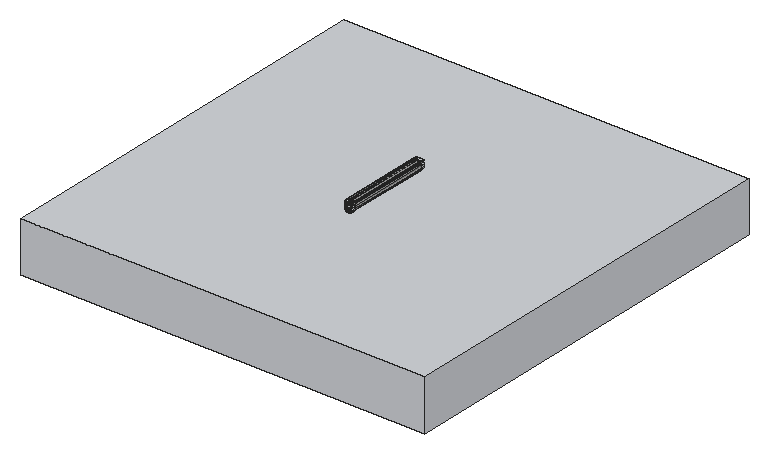
Revit family "L-trade 16 Standart Easy Lock", category Осветительные приборы, Revit 2017
Family settings
  Основа = Грань
  Размер круглого соединителя = Использовать диаметр
  Тип детали = Нормальный
  При загрузке вырезать с полостями = Нет
  Источник света = Да
  Общий = Нет
  Точка расчета площади = Нет
Parameters (values of type "L-trade 16 Standart Easy Lock 5.0K")
  Расстояние от светильника до поверхности = 100 mm
  Описание = "Универсальный светодиодный светильник L-trade 16 Standart предназначен для освещения торговых залов, промышленных помещений, логистических центров, магазинов, спортивных сооружений и т.д."
  Lamp = ""
  Кривая сил света = "Д"
  Комментарии к типоразмеру = "Торговые"
  Wattage Comments = ""
  Wattage = 10.1453 W
  built-in parameter 1150110 = 1 (stored number, unit not read)
  built-in parameter 1114217 = 1 (stored number, unit not read)
  Tilt Angle = 90.00°
  built-in parameter 1150109 = 1 (stored number, unit not read)
  built-in parameter 1150134 = 2
  built-in parameter 1150113 = 1 (stored number, unit not read)
  Файл фотометрической сетки = "L-trade 16-15-D-5.0K-02-Standart.ies"
  built-in parameter 1150142 = "IESNA:LM-63-1995\r\n[TEST]LEDEL\r\n[DATA]28.10.2017\r\n[MANUFAC]LEDEL\r\n[LUMCAT]L-trade 16-15-Д-5.0K-02-Standart\r\n[LUMINAIRE]Для общего внутреннего освещения производственных помещений, торговых залов, складов\r\n[LAMPCAT]LED\r\n[LAMP]OSRAM DURIS \r\nTILT=NONE\r\n\r\n1 1507 0.47152 37 10 1 2 0.537 0.048 0.0565\r\n\r\n1 1 15\r\n\r\n 0 2.5 5 7.5 10 12.5 15 17.5 20 22.5 25 27.5 30 32.5 35 37.5 40 42.5 45 47.5 50 52.5 55 57.5 60 62.5 65 67.5 70 72.5 75 77.5 80 82.5\r\n 85 87.5 90\r\n\r\n 0 10 20 30 40 50 60 70 80 90\r\n\r\n  1164 1166 1161 1156 1146 1132 1116 1094 1070 1043 1013 982 947 911 873 835 794 754 712 670 628 584 541 499 457 415 371 330\r\n  286 247 204 164 124 89 60 37 21\r\n  1161 1164 1164 1158 1149 1135 1119 1099 1075 1049 1020 988 954 917 880 840 799 759 717 675 632 590 546 504 460 417 373 331\r\n  290 250 210 171 133 98 67 42 22\r\n  1162 1164 1162 1158 1149 1134 1118 1099 1074 1049 1018 987 954 917 880 840 800 759 717 675 634 590 547 504 461 419 376 333\r\n  290 248 207 164 122 88 56 35 20\r\n  1164 1166 1164 1158 1148 1134 1117 1099 1074 1049 1018 988 954 920 882 844 804 764 722 681 638 599 556 514 470 425 381 335\r\n  292 250 209 171 133 97 66 40 22\r\n  1162 1166 1164 1158 1149 1136 1122 1100 1079 1052 1024 993 959 925 888 849 811 770 729 687 645 602 560 518 473 431 386 342\r\n  301 257 218 177 139 102 67 40 22\r\n  1164 1166 1164 1158 1149 1135 1120 1100 1079 1054 1026 997 964 929 893 855 818 778 737 695 653 611 568 525 482 440 395 351\r\n  308 265 222 180 140 103 69 42 22\r\n  1166 1166 1164 1158 1148 1135 1119 1100 1076 1052 1024 993 961 927 891 853 814 776 735 693 651 608 565 521 477 433 388 342 \r\n  296 248 202 162 122 86 55 31 15\r\n  1166 1166 1164 1158 1148 1135 1119 1100 1077 1052 1024 993 961 927 891 855 815 776 735 693 651 608 564 521 476 433 388 344\r\n  299 256 212 169 126 89 56 31 15\r\n  1166 1166 1164 1158 1150 1137 1123 1105 1083 1058 1032 1003 971 936 900 863 823 782 743 700 660 619 577 534 491 448 402 359\r\n  314 271 227 183 143 103 69 39 20\r\n  1166 1166 1164 1158 1149 1135 1122 1102 1081 1056 1028 999 967 932 897 858 821 781 741 700 657 613 570 527 484 440 395 351\r\n  307 263 221 179 137 98 64 36 19\r\n  \r"
  built-in parameter 1150105 = 119.92 (stored number, unit not read)
  Lumens = 1507 lm
  built-in parameter 1150115 = 1 (stored number, unit not read)
  built-in parameter 1150137 = (empty or 0)
  built-in parameter 1150139 = (empty or 0)
  built-in parameter 1150112 = 1 (stored number, unit not read)
  built-in parameter 1150114 = 1 (stored number, unit not read)
  built-in parameter 1150132 = 2
  Классификация нагрузок = Освещение
  built-in parameter 1150102 = (empty or 0)
  built-in parameter 1150107 = 5000 (stored number, unit not read)
  built-in parameter 1150138 = (empty or 0)
  built-in parameter 1150106 = 1.1992 (stored number, unit not read)
  Emit from Rectangle Width = 37.9 mm
  Emit from Rectangle Length = 485 mm
  Изготовитель = "LEDEL"
  Длина профиля = Emit from Rectangle Length + 15 mm  # 500 mm
  Emit Shape Visible in Rendering = no
  built-in parameter 1150104 = 13.8 (stored number, unit not read)
  Dimming Lamp Color Temperature Shift = (empty or 0)
  Default Elevation = 1219.2 mm
  Color Filter = 16777215
  built-in parameter 1114218 = 1 (stored number, unit not read)
  built-in parameter 1150133 = 10 (stored number, unit not read)
  Apparent Load = 15 VA  # constant formula
  Артикул = "211011"
Types (2, lengths in mm): name | built-in parameter 1150134 | Файл фотометрической сетки | built-in parameter 1150142 | built-in parameter 1150107 | Артикул
  L-trade 16 Standart Easy Lock 4.0K | 12 | "L-trade 16-15-D-4.0K-02-Standart.ies" | "IESNA:LM-63-1995\r\n[TEST]LEDEL\r\n[DATA]28.10.2017\r\n[MANUFAC]LEDEL\r\n[LUMCAT]L-trade 16-15-Д-4.0K-02-Standart\r\n[LUMINAIRE]Для общего внутреннего освещения производственных помещений, торговых залов, складов\r\n[LAMPCAT]LED\r\n[LAMP]OSRAM DURIS \r\nTILT=NONE\r\n\r\n1 1507 0.47152 37 10 1 2 0.537 0.048 0.0565\r\n\r\n1 1 15\r\n\r\n 0 2.5 5 7.5 10 12.5 15 17.5 20 22.5 25 27.5 30 32.5 35 37.5 40 42.5 45 47.5 50 52.5 55 57.5 60 62.5 65 67.5 70 72.5 75 77.5 80 82.5\r\n 85 87.5 90\r\n\r\n 0 10 20 30 40 50 60 70 80 90\r\n\r\n  1164 1166 1161 1156 1146 1132 1116 1094 1070 1043 1013 982 947 911 873 835 794 754 712 670 628 584 541 499 457 415 371 330\r\n  286 247 204 164 124 89 60 37 21\r\n  1161 1164 1164 1158 1149 1135 1119 1099 1075 1049 1020 988 954 917 880 840 799 759 717 675 632 590 546 504 460 417 373 331\r\n  290 250 210 171 133 98 67 42 22\r\n  1162 1164 1162 1158 1149 1134 1118 1099 1074 1049 1018 987 954 917 880 840 800 759 717 675 634 590 547 504 461 419 376 333\r\n  290 248 207 164 122 88 56 35 20\r\n  1164 1166 1164 1158 1148 1134 1117 1099 1074 1049 1018 988 954 920 882 844 804 764 722 681 638 599 556 514 470 425 381 335\r\n  292 250 209 171 133 97 66 40 22\r\n  1162 1166 1164 1158 1149 1136 1122 1100 1079 1052 1024 993 959 925 888 849 811 770 729 687 645 602 560 518 473 431 386 342\r\n  301 257 218 177 139 102 67 40 22\r\n  1164 1166 1164 1158 1149 1135 1120 1100 1079 1054 1026 997 964 929 893 855 818 778 737 695 653 611 568 525 482 440 395 351\r\n  308 265 222 180 140 103 69 42 22\r\n  1166 1166 1164 1158 1148 1135 1119 1100 1076 1052 1024 993 961 927 891 853 814 776 735 693 651 608 565 521 477 433 388 342 \r\n  296 248 202 162 122 86 55 31 15\r\n  1166 1166 1164 1158 1148 1135 1119 1100 1077 1052 1024 993 961 927 891 855 815 776 735 693 651 608 564 521 476 433 388 344\r\n  299 256 212 169 126 89 56 31 15\r\n  1166 1166 1164 1158 1150 1137 1123 1105 1083 1058 1032 1003 971 936 900 863 823 782 743 700 660 619 577 534 491 448 402 359\r\n  314 271 227 183 143 103 69 39 20\r\n  1166 1166 1164 1158 1149 1135 1122 1102 1081 1056 1028 999 967 932 897 858 821 781 741 700 657 613 570 527 484 440 395 351\r\n  307 263 221 179 137 98 64 36 19\r\n  \r" | 4000 (stored number, unit not read) | "311201500842100"
  L-trade 16 Standart Easy Lock 5.0K | 2 | "L-trade 16-15-D-5.0K-02-Standart.ies" | "IESNA:LM-63-1995\r\n[TEST]LEDEL\r\n[DATA]28.10.2017\r\n[MANUFAC]LEDEL\r\n[LUMCAT]L-trade 16-15-Д-5.0K-02-Standart\r\n[LUMINAIRE]Для общего внутреннего освещения производственных помещений, торговых залов, складов\r\n[LAMPCAT]LED\r\n[LAMP]OSRAM DURIS \r\nTILT=NONE\r\n\r\n1 1507 0.47152 37 10 1 2 0.537 0.048 0.0565\r\n\r\n1 1 15\r\n\r\n 0 2.5 5 7.5 10 12.5 15 17.5 20 22.5 25 27.5 30 32.5 35 37.5 40 42.5 45 47.5 50 52.5 55 57.5 60 62.5 65 67.5 70 72.5 75 77.5 80 82.5\r\n 85 87.5 90\r\n\r\n 0 10 20 30 40 50 60 70 80 90\r\n\r\n  1164 1166 1161 1156 1146 1132 1116 1094 1070 1043 1013 982 947 911 873 835 794 754 712 670 628 584 541 499 457 415 371 330\r\n  286 247 204 164 124 89 60 37 21\r\n  1161 1164 1164 1158 1149 1135 1119 1099 1075 1049 1020 988 954 917 880 840 799 759 717 675 632 590 546 504 460 417 373 331\r\n  290 250 210 171 133 98 67 42 22\r\n  1162 1164 1162 1158 1149 1134 1118 1099 1074 1049 1018 987 954 917 880 840 800 759 717 675 634 590 547 504 461 419 376 333\r\n  290 248 207 164 122 88 56 35 20\r\n  1164 1166 1164 1158 1148 1134 1117 1099 1074 1049 1018 988 954 920 882 844 804 764 722 681 638 599 556 514 470 425 381 335\r\n  292 250 209 171 133 97 66 40 22\r\n  1162 1166 1164 1158 1149 1136 1122 1100 1079 1052 1024 993 959 925 888 849 811 770 729 687 645 602 560 518 473 431 386 342\r\n  301 257 218 177 139 102 67 40 22\r\n  1164 1166 1164 1158 1149 1135 1120 1100 1079 1054 1026 997 964 929 893 855 818 778 737 695 653 611 568 525 482 440 395 351\r\n  308 265 222 180 140 103 69 42 22\r\n  1166 1166 1164 1158 1148 1135 1119 1100 1076 1052 1024 993 961 927 891 853 814 776 735 693 651 608 565 521 477 433 388 342 \r\n  296 248 202 162 122 86 55 31 15\r\n  1166 1166 1164 1158 1148 1135 1119 1100 1077 1052 1024 993 961 927 891 855 815 776 735 693 651 608 564 521 476 433 388 344\r\n  299 256 212 169 126 89 56 31 15\r\n  1166 1166 1164 1158 1150 1137 1123 1105 1083 1058 1032 1003 971 936 900 863 823 782 743 700 660 619 577 534 491 448 402 359\r\n  314 271 227 183 143 103 69 39 20\r\n  1166 1166 1164 1158 1149 1135 1122 1102 1081 1056 1028 999 967 932 897 858 821 781 741 700 657 613 570 527 484 440 395 351\r\n  307 263 221 179 137 98 64 36 19\r\n  \r" | 5000 (stored number, unit not read) | "211011"
Reference planes
  plane 1 "Center (Front/Back)": y = 0
  plane 2: z = 0
  plane 3 "Center (Left/Right)": x = 0
Forms (mm)
  Extrusion 1, solid
    sketch origin (0, 0, 0) x (1, 0, 0) y (0, 1, 0)
      loop
        line (-1219.2, 1219.2) -> (-1219.2, -1219.2) -> (1219.2, -1219.2) -> (1219.2, 1219.2) -> (-1219.2, 1219.2)
    from 0 to -304.8
Dimensions and locks
  "Расстояние от светильника до поверхности": imposter light to Extrusion 1
  aligned and locked: plane 2 to Extrusion 1
  aligned and locked: level to Extrusion 1
Automatic sketch dimensions
  Extrusion 1 sketch curve to Extrusion 1 sketch curve = 2438.4 mm  (x2)
Nested families
  nested 1: "L-trade_body" at (0, 0, 0), type "L-trade_body"
Connectors
  electrical at (0, 0, 0), driven by "Apparent Load", driven by "Классификация нагрузок"
    settings: on Extrusion 1, index 1, voltage 230 V, apparent load 0 VA, apparent load phase1 15 VA, apparent load phase2 0 VA, apparent load phase3 0 VA, power factor 1, load classification "Освещение", number of poles 1, system type 31, power factor state 1, is connector primary yes, connector utility no, sub classification motor no, connector description ""
Definition of nested family "L-trade_body"
  Parameters (values of type "L-trade_body")
    Тип торцевой крышки = Trade Standart : Trade Standart
    Расстояние от светильника до плоскости = 55.991 mm
    Default Elevation = 1219.2 mm
    Начало выдавливания = Длина профиля / 2 * (-1)  # -250 mm
    Конец выдавливания = Длина профиля / 2  # 250 mm
    Длина профиля = 500 mm
  Reference planes
    plane 1 "По центру (Вперед/Назад)": y = 0
    plane 2: z = 0
    plane 3 "По центру (Влево/Вправо)": x = 0
    plane 4 "Плоскость расположения светильника": z = 55.991
  Forms (mm)
    Extrusion 1, solid
      sketch origin (0, 0, 0) x (1, 0, 0) y (0, 1, 0)
        loop
          line (-1219.2, 1219.2) -> (-1219.2, -1219.2) -> (1219.2, -1219.2) -> (1219.2, 1219.2) -> (-1219.2, 1219.2)
      from 0 to -304.8
    Extrusion 2, solid
      sketch origin (-0.012, 0, 76.46) x (0, 0, 1) y (1, 0, 0)
        loop
          arc (-59.25, -24.005) -> (-52.269, -20.15) -> (-45.287, -24.005) r 8.25
          arc (-45.287, -24.005) -> (-39.588, -21.546) -> (-34.671, -17.758) r 25
          arc (-34.671, -17.758) -> (-33.593, -19.381) -> (-31.769, -20) r 3
          line (-31.769, -20) -> (-31.747, -18.485)
          arc (-31.747, -18.485) -> (-32.827, -15.957) -> (-30.283, -17) r 1.486
          line (-30.283, -17) -> (-28.946, -18.017)
          arc (-28.946, -18.017) -> (-28.836, -17.633) -> (-28.778, -17.238) r 3
          arc (-28.778, -17.238) -> (-28.264, -17.566) -> (-27.736, -17.872) r 15
          arc (-27.736, -17.872) -> (-28.629, -21.6) -> (-25.469, -23.771) r 3.385
          line (-25.469, -23.771) -> (-20.469, -23.771) -> (-20.469, -21.96) -> (-20.469, -18.959) -> (-21.47, -18.959) -> (-21.47, -21.96) -> (-25.469, -21.96)
          arc (-25.469, -21.96) -> (-26.945, -20.195) -> (-24.946, -19.054) r 1.5
          line (-24.946, -19.054) -> (-24.946, -17.462)
          arc (-24.946, -17.462) -> (-28.28, -15.733) -> (-31.007, -13.151) r 13.477
          arc (-31.007, -13.151) -> (-31.597, -12.352) -> (-32.126, -11.512) r 13.477
          arc (-32.126, -11.512) -> (-33.542, -8.026) -> (-33.938, -4.283) r 13.477
          line (-33.938, -4.283) -> (-34.93, -4.283) -> (-34.93, -5.255) -> (-36.043, -5.255) -> (-36.043, 0) -> (-36.043, 5.255) -> (-34.93, 5.255) -> (-34.93, 4.283) -> (-33.938, 4.283)
          arc (-33.938, 4.283) -> (-33.542, 8.026) -> (-32.126, 11.512) r 13.477
          arc (-32.126, 11.512) -> (-31.597, 12.352) -> (-31.007, 13.151) r 13.477
          arc (-31.007, 13.151) -> (-28.28, 15.733) -> (-24.946, 17.462) r 13.477
          line (-24.946, 17.462) -> (-24.946, 19.054)
          arc (-24.946, 19.054) -> (-26.945, 20.195) -> (-25.469, 21.96) r 1.5
          line (-25.469, 21.96) -> (-21.47, 21.96) -> (-21.47, 18.959) -> (-20.469, 18.959) -> (-20.469, 21.96) -> (-20.469, 23.771) -> (-25.469, 23.771)
          arc (-25.469, 23.771) -> (-28.629, 21.6) -> (-27.736, 17.872) r 3.385
          arc (-27.736, 17.872) -> (-28.264, 17.566) -> (-28.778, 17.238) r 15
          arc (-28.778, 17.238) -> (-28.836, 17.633) -> (-28.946, 18.017) r 3
          line (-28.946, 18.017) -> (-30.283, 17)
          arc (-30.283, 17) -> (-32.819, 15.949) -> (-31.769, 18.486) r 1.486
          line (-31.769, 18.486) -> (-31.769, 20)
          arc (-31.769, 20) -> (-33.603, 19.374) -> (-34.671, 17.758) r 3
          arc (-34.671, 17.758) -> (-39.588, 21.546) -> (-45.287, 24.005) r 25
          arc (-45.287, 24.005) -> (-52.269, 20.15) -> (-59.25, 24.005) r 8.25
          arc (-59.25, 24.005) -> (-64.079, 22.034) -> (-68.395, 19.104) r 25
          line (-68.395, 19.104) -> (-69.102, 17.807)
          arc (-69.102, 17.807) -> (-68.597, 17.356) -> (-68.344, 16.728) r 1.489
          arc (-68.344, 16.728) -> (-68.731, 15.48) -> (-69.953, 15.017) r 1.489
          arc (-69.953, 15.017) -> (-71.216, 15.994) -> (-70.869, 17.553) r 1.489
          line (-70.869, 17.553) -> (-71.913, 18.598)
          arc (-71.913, 18.598) -> (-72.763, 16.832) -> (-72.327, 14.922) r 2.966
          arc (-72.327, 14.922) -> (-75.219, 9.913) -> (-76.883, 4.375) r 25
          line (-76.883, 4.375) -> (-76.883, 2.61) -> (-75.101, 2.61) -> (-75.101, 4.112) -> (-71.169, 4.112) -> (-71.169, 0) -> (-71.169, -4.112) -> (-75.101, -4.112) -> (-75.101, -2.61) -> (-76.883, -2.61) -> (-76.883, -4.375)
          arc (-76.883, -4.375) -> (-75.219, -9.913) -> (-72.327, -14.922) r 25
          arc (-72.327, -14.922) -> (-72.763, -16.832) -> (-71.913, -18.598) r 2.966
          line (-71.913, -18.598) -> (-70.869, -17.553)
          arc (-70.869, -17.553) -> (-71.216, -15.994) -> (-69.953, -15.017) r 1.489
          arc (-69.953, -15.017) -> (-68.731, -15.48) -> (-68.344, -16.728) r 1.489
          arc (-68.344, -16.728) -> (-68.597, -17.356) -> (-69.102, -17.807) r 1.489
          line (-69.102, -17.807) -> (-68.395, -19.104)
          arc (-68.395, -19.104) -> (-64.079, -22.034) -> (-59.25, -24.005) r 25
        loop
          arc (-59.931, -21.898) -> (-52.269, -18.35) -> (-44.606, -21.898) r 10.05
          arc (-44.606, -21.898) -> (-38.092, -18.365) -> (-33.024, -12.957) r 23.2
          arc (-33.024, -12.957) -> (-34.527, -9.982) -> (-35.335, -6.748) r 15
          line (-35.335, -6.748) -> (-37.561, -6.748) -> (-37.561, 0) -> (-37.561, 6.748) -> (-35.335, 6.748)
          arc (-35.335, 6.748) -> (-34.527, 9.982) -> (-33.024, 12.957) r 15
          arc (-33.024, 12.957) -> (-38.092, 18.365) -> (-44.606, 21.898) r 23.2
          arc (-44.606, 21.898) -> (-52.269, 18.35) -> (-59.931, 21.898) r 10.05
          arc (-59.931, 21.898) -> (-63.725, 20.174) -> (-67.149, 17.799) r 23.2
          arc (-67.149, 17.799) -> (-67.655, 14.468) -> (-70.949, 13.759) r 2.966
          arc (-70.949, 13.759) -> (-73.267, 9.864) -> (-74.784, 5.594) r 23.2
          line (-74.784, 5.594) -> (-69.669, 5.594) -> (-69.669, 0) -> (-69.669, -5.594) -> (-74.784, -5.594)
          arc (-74.784, -5.594) -> (-73.267, -9.864) -> (-70.949, -13.759) r 23.2
          arc (-70.949, -13.759) -> (-67.655, -14.468) -> (-67.149, -17.799) r 2.966
          arc (-67.149, -17.799) -> (-63.725, -20.174) -> (-59.931, -21.898) r 23.2
      from -250 <- "Начало выдавливания" to 250 <- "Конец выдавливания"
    Extrusion 3, solid
      sketch origin (-0.012, 0.083, 76.46) x (-1, 0, 0) y (0, 0, -1)
        loop
          line (21.96, 21.47) -> (21.96, 24.47) -> (-21.96, 24.47) -> (-21.96, 21.47) -> (21.96, 21.47)
      from -250 <- "Начало выдавливания" to 250 <- "Конец выдавливания"
  Dimensions and locks
    "Расстояние от светильника до плоскости": plane 4 "Плоскость расположения светильника" to Extrusion 1
    aligned and locked: plane 2 to Extrusion 1
    aligned and locked: level to Extrusion 1
  Automatic sketch dimensions
    Extrusion 1 sketch curve to Extrusion 1 sketch curve = 2438.4 mm  (x2)
    Extrusion 2 sketch curve to Extrusion 2 sketch curve = 0 mm  (x233)
    Extrusion 2 sketch curve to plane 4 "Плоскость расположения светильника" = 0 mm  (x4)
    Extrusion 2 sketch curve to Extrusion 2 sketch curve = 1.002 mm
    Extrusion 2 sketch curve to plane 4 "Плоскость расположения светильника" = 1.002 mm
    Extrusion 2 sketch curve to Extrusion 2 sketch curve = 3.475 mm  (x2)
    Extrusion 2 sketch curve to Extrusion 2 sketch curve = 0.523 mm  (x2)
    Extrusion 2 sketch curve to Extrusion 2 sketch curve = 4.001 mm  (x2)
    Extrusion 2 sketch curve to Extrusion 2 sketch curve = 1.337 mm  (x2)
    Extrusion 2 sketch curve to Extrusion 2 sketch curve = 1.486 mm  (x2)
    plane 3 "По центру (Влево/Вправо)" to Extrusion 2 sketch curve = 4.272 mm
    Extrusion 2 sketch curve to Extrusion 2 sketch curve = 2.169 mm
    Extrusion 2 sketch curve to plane 3 "По центру (Влево/Вправо)" = 4.295 mm
    Extrusion 2 sketch curve to Extrusion 2 sketch curve = 0.992 mm  (x2)
    Extrusion 2 sketch curve to Extrusion 2 sketch curve = 0.405 mm  (x2)
    Extrusion 2 sketch curve to Extrusion 2 sketch curve = 1.113 mm
    Extrusion 2 sketch curve to Extrusion 2 sketch curve = 1.518 mm
    Extrusion 2 sketch curve to plane 3 "По центру (Влево/Вправо)" = 0.012 mm  (x5)
    Extrusion 2 sketch curve to Extrusion 2 sketch curve = 14.707 mm
    Extrusion 2 sketch curve to Extrusion 2 sketch curve = 20.5 mm  (x2)
    Extrusion 2 sketch curve to Extrusion 2 sketch curve = 16.126 mm  (x2)
    Extrusion 2 sketch curve to Extrusion 2 sketch curve = 0.708 mm  (x2)
    plane 3 "По центру (Влево/Вправо)" to Extrusion 2 sketch curve = 5.582 mm
    Extrusion 2 sketch curve to Extrusion 2 sketch curve = 0.566 mm
    Extrusion 2 sketch curve to Extrusion 2 sketch curve = 0.713 mm  (x2)
    Extrusion 2 sketch curve to Extrusion 2 sketch curve = 1.053 mm  (x3)
    Extrusion 2 sketch curve to Extrusion 2 sketch curve = 1.5 mm
    Extrusion 2 sketch curve to Extrusion 2 sketch curve = 1.045 mm  (x4)
    Extrusion 2 sketch curve to plane 3 "По центру (Влево/Вправо)" = 18.609 mm
    Extrusion 2 sketch curve to Extrusion 2 sketch curve = 3.615 mm  (x2)
    Extrusion 2 sketch curve to Extrusion 2 sketch curve = 0.317 mm  (x2)
    Extrusion 2 sketch curve to Extrusion 2 sketch curve = 1.782 mm  (x2)
    Extrusion 2 sketch curve to plane 3 "По центру (Влево/Вправо)" = 18.971 mm
    Extrusion 2 sketch curve to Extrusion 2 sketch curve = 0.095 mm
    Extrusion 2 sketch curve to Extrusion 2 sketch curve = 0.506 mm
    Extrusion 2 sketch curve to Extrusion 2 sketch curve = 1.331 mm  (x2)
    Extrusion 2 sketch curve to Extrusion 2 sketch curve = 0.075 mm  (x2)
    Extrusion 2 sketch curve to Extrusion 2 sketch curve = 1.81 mm  (x2)
    Extrusion 2 sketch curve to Extrusion 2 sketch curve = 9.296 mm  (x2)
    Extrusion 2 sketch curve to Extrusion 2 sketch curve = 1.037 mm
    Extrusion 2 sketch curve to Extrusion 2 sketch curve = 1.297 mm  (x2)
    Extrusion 2 sketch curve to Extrusion 2 sketch curve = 1.593 mm  (x2)
    Extrusion 2 sketch curve to Extrusion 2 sketch curve = 1.017 mm  (x2)
    Extrusion 2 sketch curve to Extrusion 2 sketch curve = 2.464 mm
    Extrusion 2 sketch curve to plane 3 "По центру (Влево/Вправо)" = 5.606 mm
    Extrusion 2 sketch curve to Extrusion 2 sketch curve = 0.971 mm  (x2)
    Extrusion 2 sketch curve to Extrusion 2 sketch curve = 1.219 mm
    Extrusion 2 sketch curve to Extrusion 2 sketch curve = 1.482 mm  (x2)
    Extrusion 2 sketch curve to Extrusion 2 sketch curve = 1.502 mm
    plane 3 "По центру (Влево/Вправо)" to Extrusion 2 sketch curve = 2.598 mm
    Extrusion 2 sketch curve to Extrusion 2 sketch curve = 1.765 mm
    plane 3 "По центру (Влево/Вправо)" to Extrusion 2 sketch curve = 4.738 mm
    Extrusion 2 sketch curve to Extrusion 2 sketch curve = 1.493 mm
    Extrusion 2 sketch curve to Extrusion 2 sketch curve = 10.906 mm
    Extrusion 2 sketch curve to Extrusion 2 sketch curve = 0.462 mm
    Extrusion 2 sketch curve to Extrusion 2 sketch curve = 1.497 mm
    Extrusion 2 sketch curve to Extrusion 2 sketch curve = 1.514 mm
    Extrusion 2 sketch curve to Extrusion 2 sketch curve = 1.21 mm  (x2)
    Extrusion 2 sketch curve to Extrusion 2 sketch curve = 0.724 mm  (x2)
    Extrusion 2 sketch curve to Extrusion 2 sketch curve = 0.024 mm  (x2)
    Extrusion 2 sketch curve to Extrusion 2 sketch curve = 0.021 mm
    Extrusion 2 sketch curve to Extrusion 2 sketch curve = 1.119 mm  (x2)
    Extrusion 2 sketch curve to Extrusion 2 sketch curve = 0.898 mm  (x2)
    Extrusion 2 sketch curve to Extrusion 2 sketch curve = 2.903 mm  (x2)
    Extrusion 2 sketch curve to Extrusion 2 sketch curve = 7.663 mm  (x2)
    Extrusion 2 sketch curve to Extrusion 2 sketch curve = 0.681 mm  (x4)
    Extrusion 2 sketch curve to Extrusion 2 sketch curve = 6.982 mm
    Extrusion 2 sketch curve to Extrusion 2 sketch curve = 1.246 mm  (x2)
    Extrusion 2 sketch curve to Extrusion 2 sketch curve = 0.758 mm  (x2)
    Extrusion 2 sketch curve to Extrusion 2 sketch curve = 0.137 mm  (x2)
    Extrusion 3 sketch curve to plane 4 "Плоскость расположения светильника" = 1.002 mm
    plane 3 "По центру (Влево/Вправо)" to Extrusion 3 sketch curve = 21.949 mm
    Extrusion 3 sketch curve to plane 4 "Плоскость расположения светильника" = 4.002 mm
    Extrusion 3 sketch curve to plane 3 "По центру (Влево/Вправо)" = 21.972 mm
  Nested families
    nested 1: "Trade Standart" at (0.555, 0.024, 0), type <- "Тип торцевой крышки", type "Trade Standart"
      with Расстояние до плоскости 55.991 mm, Начало профиля 250 mm, Конец профиля 250 mm
    nested 2: "Trade Standart" at (0.452, 0, 0), type <- "Тип торцевой крышки", type "Trade Standart"
      with Расстояние до плоскости 55.991 mm, Начало профиля 250 mm, Конец профиля 250 mm
  Definition of nested family "Trade Standart"
    Parameters (values of type "Trade Standart")
      Расстояние до плоскости = 150 mm
      Default Elevation = 1219.2 mm
      Начало профиля = 249.976 mm
      Конец профиля = 250.024 mm
    Reference planes
      plane 1 "По центру (Вперед/Назад)": y = 0
      plane 2: z = 0
      plane 3 "По центру (Влево/Вправо)": x = 0
      plane 4 "Плоскость светильника": z = 150
    Forms (mm)
      Extrusion 1, solid
        sketch origin (0, 0, 0) x (1, 0, 0) y (0, 1, 0)
          loop
            line (-1219.2, 1219.2) -> (-1219.2, -1219.2) -> (1219.2, -1219.2) -> (1219.2, 1219.2) -> (-1219.2, 1219.2)
        from 0 to -304.8
      Extrusion 2, solid
        sketch origin (-19.367, -250.024, 150) x (1, 0, 0) y (0, 0, 1)
          loop
            arc (33.722, -51.859) -> (35.632, -52.295) -> (37.398, -51.445) r 2.966
            arc (37.398, -51.445) -> (38.236, -49.77) -> (37.904, -47.926) r 2.966
            arc (37.904, -47.926) -> (40.834, -43.611) -> (42.805, -38.782) r 25
            arc (42.805, -38.782) -> (38.95, -31.8) -> (42.805, -24.818) r 8.25
            arc (42.805, -24.818) -> (40.346, -19.12) -> (36.558, -14.203) r 25
            arc (36.558, -14.203) -> (38.174, -13.134) -> (38.8, -11.3) r 3
            arc (38.8, -11.3) -> (38.255, -9.575) -> (36.817, -8.478) r 3
            arc (36.817, -8.478) -> (36.433, -8.368) -> (36.038, -8.309) r 3
            arc (36.038, -8.309) -> (36.366, -7.795) -> (36.672, -7.268) r 15
            arc (36.672, -7.268) -> (40.4, -8.16) -> (42.571, -5) r 3.385
            line (42.571, -5) -> (42.571, 0) -> (40.76, 0) -> (37.759, 0) -> (-0.159, 0) -> (-3.16, 0) -> (-4.971, 0) -> (-4.971, -5)
            arc (-4.971, -5) -> (-2.8, -8.16) -> (0.928, -7.268) r 3.385
            arc (0.928, -7.268) -> (1.234, -7.795) -> (1.562, -8.309) r 15
            arc (1.562, -8.309) -> (1.167, -8.368) -> (0.783, -8.478) r 3
            arc (0.783, -8.478) -> (-0.655, -9.575) -> (-1.2, -11.3) r 3
            arc (-1.2, -11.3) -> (-0.574, -13.134) -> (1.042, -14.203) r 3
            arc (1.042, -14.203) -> (-2.746, -19.12) -> (-5.205, -24.818) r 25
            arc (-5.205, -24.818) -> (-1.35, -31.8) -> (-5.205, -38.782) r 8.25
            arc (-5.205, -38.782) -> (-3.234, -43.611) -> (-0.304, -47.926) r 25
            arc (-0.304, -47.926) -> (-0.636, -49.77) -> (0.202, -51.445) r 2.966
            arc (0.202, -51.445) -> (1.968, -52.295) -> (3.878, -51.859) r 2.966
            arc (3.878, -51.859) -> (9.009, -54.803) -> (14.688, -56.46) r 25
            line (14.688, -56.46) -> (14.688, -50.7) -> (18.8, -50.7) -> (22.912, -50.7) -> (22.912, -56.46)
            arc (22.912, -56.46) -> (28.591, -54.803) -> (33.722, -51.859) r 25
        from 0 to 1.5
      Extrusion 3, solid
        sketch origin (18.233, 249.976, 150) x (-1, 0, 0) y (0, 0, 1)
          loop
            arc (3.884, -51.859) -> (9.014, -54.803) -> (14.693, -56.46) r 25
            line (14.693, -56.46) -> (14.693, -50.7) -> (18.805, -50.7) -> (22.917, -50.7) -> (22.917, -56.46)
            arc (22.917, -56.46) -> (28.596, -54.803) -> (33.727, -51.859) r 25
            arc (33.727, -51.859) -> (35.637, -52.295) -> (37.403, -51.445) r 2.966
            arc (37.403, -51.445) -> (38.241, -49.77) -> (37.909, -47.926) r 2.966
            arc (37.909, -47.926) -> (40.839, -43.611) -> (42.81, -38.782) r 25
            arc (42.81, -38.782) -> (38.955, -31.8) -> (42.81, -24.818) r 8.25
            arc (42.81, -24.818) -> (40.351, -19.12) -> (36.563, -14.203) r 25
            arc (36.563, -14.203) -> (38.179, -13.134) -> (38.805, -11.3) r 3
            arc (38.805, -11.3) -> (38.26, -9.575) -> (36.822, -8.478) r 3
            arc (36.822, -8.478) -> (36.438, -8.368) -> (36.043, -8.309) r 3
            arc (36.043, -8.309) -> (36.371, -7.795) -> (36.677, -7.268) r 15
            arc (36.677, -7.268) -> (40.405, -8.16) -> (42.576, -5) r 3.385
            line (42.576, -5) -> (42.576, 0) -> (40.765, 0) -> (37.764, 0) -> (-0.154, 0) -> (-3.155, 0) -> (-4.966, 0) -> (-4.966, -5)
            arc (-4.966, -5) -> (-2.795, -8.16) -> (0.933, -7.268) r 3.385
            arc (0.933, -7.268) -> (1.239, -7.795) -> (1.567, -8.309) r 15
            arc (1.567, -8.309) -> (1.172, -8.368) -> (0.788, -8.478) r 3
            arc (0.788, -8.478) -> (-0.65, -9.575) -> (-1.195, -11.3) r 3
            arc (-1.195, -11.3) -> (-0.569, -13.134) -> (1.047, -14.203) r 3
            arc (1.047, -14.203) -> (-2.741, -19.12) -> (-5.2, -24.818) r 25
            arc (-5.2, -24.818) -> (-1.345, -31.8) -> (-5.2, -38.782) r 8.25
            arc (-5.2, -38.782) -> (-3.229, -43.611) -> (-0.299, -47.926) r 25
            arc (-0.299, -47.926) -> (-0.631, -49.77) -> (0.207, -51.445) r 2.966
            arc (0.207, -51.445) -> (1.973, -52.295) -> (3.884, -51.859) r 2.966
        from 0 to 1.5
      Extrusion 4, solid
        sketch origin (0, -398.223, 150) x (0, -1, 0) y (1, 0, 0)
          loop
            line (-154.699, 18.233) -> (-154.699, -19.367) -> (-148.199, -19.367) -> (-148.199, 18.233) -> (-154.699, 18.233)
          loop
            line (-648.199, -19.367) -> (-641.699, -19.367) -> (-641.699, 18.233) -> (-648.199, 18.233) -> (-648.199, -19.367)
        from 0 to -1
    Dimensions and locks
      "Расстояние до плоскости": plane 4 "Плоскость светильника" to Extrusion 1
      "Конец профиля": plane 1 "По центру (Вперед/Назад)" to Extrusion 4
      "Начало профиля": Extrusion 4 to plane 1 "По центру (Вперед/Назад)"
      aligned and locked: plane 2 to Extrusion 1
      aligned and locked: level to Extrusion 1
    Automatic sketch dimensions
      Extrusion 1 sketch curve to Extrusion 1 sketch curve = 2438.4 mm  (x2)
      Extrusion 4 sketch curve to plane 3 "По центру (Влево/Вправо)" = 19.367 mm  (x2)
      plane 1 "По центру (Вперед/Назад)" to Extrusion 4 sketch curve = 243.524 mm
      Extrusion 4 sketch curve to Extrusion 4 sketch curve = 6.5 mm  (x2)
      plane 3 "По центру (Влево/Вправо)" to Extrusion 4 sketch curve = 18.233 mm  (x2)
      Extrusion 4 sketch curve to plane 1 "По центру (Вперед/Назад)" = 243.476 mm
      Extrusion 2 sketch curve to Extrusion 2 sketch curve = 0 mm  (x46)
      Extrusion 2 sketch curve to Extrusion 4 = 0 mm  (x3)
      Extrusion 2 sketch curve to Extrusion 4 = 9.6 mm
      Extrusion 2 sketch curve to Extrusion 4 = 4.971 mm
      Extrusion 2 sketch curve to Extrusion 2 sketch curve = 1.81 mm
      Extrusion 2 sketch curve to Extrusion 4 = 1.585 mm
      Extrusion 2 sketch curve to Extrusion 4 = 0.159 mm
      Extrusion 4 to Extrusion 2 sketch curve = 1.8 mm
      Extrusion 4 to Extrusion 2 sketch curve = 2.3 mm
      Extrusion 4 to Extrusion 2 sketch curve = 14.05 mm
      Extrusion 2 sketch curve to Extrusion 2 sketch curve = 12.388 mm
      Extrusion 4 to Extrusion 2 sketch curve = 18.8 mm
      Extrusion 2 sketch curve to Extrusion 2 sketch curve = 4.112 mm  (x2)
      Extrusion 2 sketch curve to Extrusion 2 sketch curve = 9.5 mm
      Extrusion 2 sketch curve to Extrusion 4 = 2.3 mm
      Extrusion 2 sketch curve to Extrusion 4 = 1.8 mm
      Extrusion 4 to Extrusion 2 sketch curve = 0.159 mm
      Extrusion 4 to Extrusion 2 sketch curve = 1.585 mm
      Extrusion 2 sketch curve to Extrusion 2 sketch curve = 3.001 mm
      Extrusion 2 sketch curve to Extrusion 2 sketch curve = 3.385 mm
      Extrusion 4 to Extrusion 2 sketch curve = 9.6 mm
      Extrusion 2 sketch curve to Extrusion 4 = 4 mm  (x2)
      Extrusion 2 sketch curve to Extrusion 2 sketch curve = 6.3 mm  (x2)
      Extrusion 2 sketch curve to Extrusion 2 sketch curve = 20.5 mm  (x3)
      Extrusion 2 sketch curve to Extrusion 2 sketch curve = 17.547 mm  (x2)
      Extrusion 2 sketch curve to Extrusion 2 sketch curve = 1.353 mm
      Extrusion 2 sketch curve to Extrusion 2 sketch curve = 5.76 mm  (x2)
      Extrusion 2 sketch curve to Extrusion 4 = 5.205 mm  (x2)
      Extrusion 2 sketch curve to Extrusion 4 = 1.2 mm
      Extrusion 2 sketch curve to Extrusion 4 = 0.304 mm
      Extrusion 4 to Extrusion 2 sketch curve = 0.202 mm
      Extrusion 4 to Extrusion 2 sketch curve = 0.783 mm
      Extrusion 4 to Extrusion 2 sketch curve = 0.928 mm
      Extrusion 4 to Extrusion 2 sketch curve = 1.042 mm
      Extrusion 2 sketch curve to Extrusion 2 sketch curve = 1.578 mm
      Extrusion 2 sketch curve to Extrusion 4 = 1.562 mm
      Extrusion 2 sketch curve to Extrusion 4 = 1.042 mm
      Extrusion 2 sketch curve to Extrusion 4 = 0.928 mm
      Extrusion 2 sketch curve to Extrusion 4 = 0.783 mm
      Extrusion 2 sketch curve to Extrusion 4 = 0.202 mm
      Extrusion 4 to Extrusion 2 sketch curve = 0.304 mm
      Extrusion 4 to Extrusion 2 sketch curve = 5.205 mm
      Extrusion 3 sketch curve to Extrusion 3 sketch curve = 0 mm  (x46)
      Extrusion 3 sketch curve to Extrusion 4 = 0 mm  (x3)
      Extrusion 3 sketch curve to Extrusion 4 = 9.595 mm
      Extrusion 3 sketch curve to Extrusion 4 = 4.966 mm
      Extrusion 3 sketch curve to Extrusion 3 sketch curve = 1.81 mm  (x2)
      Extrusion 3 sketch curve to Extrusion 4 = 1.58 mm
      Extrusion 3 sketch curve to Extrusion 4 = 0.154 mm
      Extrusion 4 to Extrusion 3 sketch curve = 1.805 mm
      Extrusion 4 to Extrusion 3 sketch curve = 2.305 mm
      Extrusion 4 to Extrusion 3 sketch curve = 14.055 mm
      Extrusion 3 sketch curve to Extrusion 3 sketch curve = 12.388 mm
      Extrusion 3 sketch curve to Extrusion 4 = 18.795 mm
      Extrusion 3 sketch curve to Extrusion 3 sketch curve = 4.112 mm  (x2)
      Extrusion 3 sketch curve to Extrusion 3 sketch curve = 9.5 mm
      Extrusion 3 sketch curve to Extrusion 4 = 2.295 mm
      Extrusion 3 sketch curve to Extrusion 4 = 1.795 mm
      Extrusion 4 to Extrusion 3 sketch curve = 0.164 mm
      Extrusion 4 to Extrusion 3 sketch curve = 1.59 mm
      Extrusion 3 sketch curve to Extrusion 3 sketch curve = 3.001 mm
      Extrusion 4 to Extrusion 3 sketch curve = 9.605 mm
      Extrusion 3 sketch curve to Extrusion 4 = 4 mm  (x2)
      Extrusion 3 sketch curve to Extrusion 3 sketch curve = 6.3 mm  (x2)
      Extrusion 3 sketch curve to Extrusion 3 sketch curve = 20.5 mm  (x3)
      Extrusion 3 sketch curve to Extrusion 3 sketch curve = 17.547 mm  (x2)
      Extrusion 3 sketch curve to Extrusion 3 sketch curve = 1.353 mm
      Extrusion 3 sketch curve to Extrusion 3 sketch curve = 5.76 mm  (x2)
      Extrusion 3 sketch curve to Extrusion 4 = 5.2 mm  (x2)
      Extrusion 3 sketch curve to Extrusion 4 = 1.195 mm
      Extrusion 3 sketch curve to Extrusion 4 = 0.299 mm
      Extrusion 4 to Extrusion 3 sketch curve = 0.207 mm
      Extrusion 4 to Extrusion 3 sketch curve = 0.788 mm
      Extrusion 4 to Extrusion 3 sketch curve = 0.933 mm
      Extrusion 4 to Extrusion 3 sketch curve = 1.047 mm
      Extrusion 3 sketch curve to Extrusion 3 sketch curve = 1.578 mm
      Extrusion 3 sketch curve to Extrusion 4 = 1.557 mm
      Extrusion 3 sketch curve to Extrusion 4 = 1.037 mm
      Extrusion 3 sketch curve to Extrusion 4 = 0.923 mm
      Extrusion 3 sketch curve to Extrusion 4 = 0.778 mm
      Extrusion 3 sketch curve to Extrusion 4 = 0.197 mm
      Extrusion 4 to Extrusion 3 sketch curve = 0.309 mm
      Extrusion 4 to Extrusion 3 sketch curve = 5.21 mm
